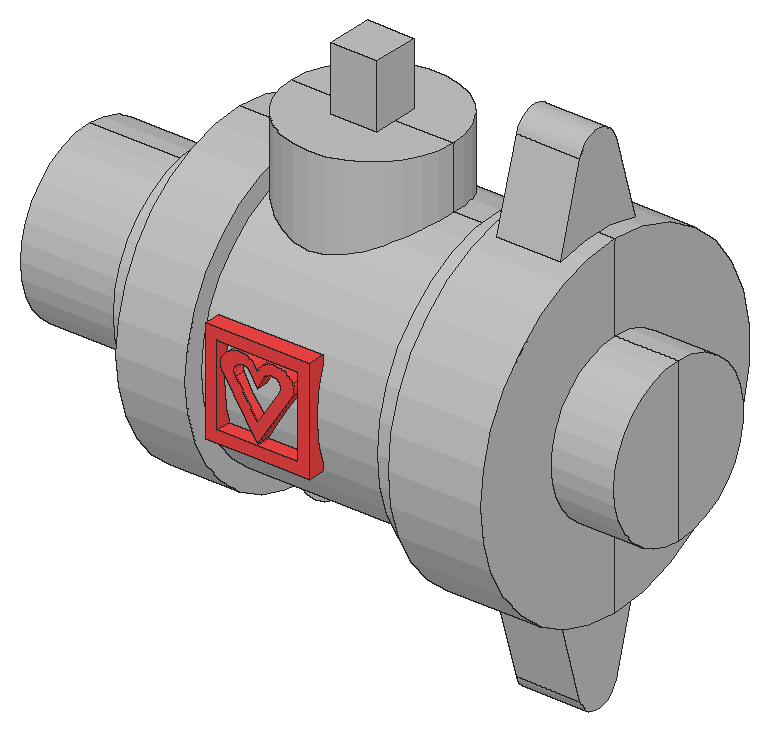
Revit family "KFE 2512 11", category Rohrzubehör, Revit 2020
Family settings
  Bemaßung runder Anschluss = Durchmesser verwenden
  Teiletyp = Normal
  OmniClass-Nummer = 23.65.55.14
  OmniClass-Titel = Valves for Liquid Services
  Arbeitsebenenbasiert = Nein
  Immer vertikal = Ja
  Beim Laden mit Abzugskörper schneiden = Nein
  Gemeinsam genutzt = Nein
Parameters
  min.Betriebstemperatur = -30 °C  # constant formula
  max.Betriebstemperatur = 110 °C  # constant formula
  max.Betriebsdruck = 1000000.0 Pa  # constant formula
  Vorgabe-Ansicht = 0.000 mm
  URL = "www.herz-armaturen.at"
  Spindel = "Messing CW614N"  # constant formula
  SCTWSEQ = "ENT;AO;1"
  SCTWCODE = "01;10;01"  # constant formula
  SCRNSEQ = "ARM;ARM_TYP=\"ABSV\";1"
  SCRNCODE = "05;08;01"  # constant formula
  S04 = 45.000 mm  # constant formula
  S03 = 16.000 mm  # constant formula
  S02 = L00 - L01  # 24.500 mm
  S01 = L00 + (L09 - L05)  # 51.000 mm
  R99 = 2.000 mm  # constant formula
  R01 = 7.000 mm  # constant formula
  Nennweite [instance] = 15.000 mm  # constant formula
  L10 = L01 - L05 + 1.000 mm  # 14.000 mm
  L09 = 13.500 mm  # constant formula
  L08 = 8.000 mm  # constant formula
  L07 = 4.000 mm  # constant formula
  L06 = 19.000 mm  # constant formula
  L05 = 6.500 mm  # constant formula
  L04 = 9.500 mm  # constant formula
  L03 = 8.500 mm  # constant formula
  L02 = 13.000 mm  # constant formula
  L01 = 19.500 mm  # constant formula
  L00 = 44.000 mm  # constant formula
  Kugel = "geschmiedetes CW617N, volle Bohrung, Oberfläche verchromt"  # constant formula
  Hersteller = "Herz-Armaturen GmbH"  # constant formula
  H00 = 17.000 mm  # constant formula
  Gehäuse = "geschmiedetes Messing CW617N"  # constant formula
  G02 = 13.200 mm  # constant formula
  G01 [instance] = Nennweite / 2  # 7.500 mm
  Dichtungen = "Kugel: PTFE, Spindel: PTFE"  # constant formula
  D08 = 7.000 mm  # constant formula
  D07 = 14.500 mm  # constant formula
  D06 = 12.100 mm  # constant formula
  D05 = 13.400 mm  # constant formula
  D04 = 11.100 mm  # constant formula
  D03 = 11.700 mm  # constant formula
  D02 = 9.300 mm  # constant formula
  D01 [instance] = G01 - 1.500 mm  # 6.000 mm
  Betriebsdaten = "Heizungswasser nach ÖNORM H5195 oder VDI- Richtlinie 2035.\r\nDie Verwendung von Ethylen-, oder Propyleneglykol in einem Mischungsverhältnis 25- 50% ist zulässig."
  Bestellnummer [instance] = if(Nennweite = 15.000 mm, 1251211, 0)  # 1251211
  Anwendungsgebiet = "Die Entleerungshähne werden als Füll- und Entleerungshähne verwendet. Anwendungsgebiete sind in haustechnischen Anlagen, wie z.B. in Heizungs- oder Kaltwasseranlagen für die Klimatisierung von Gebäuden. Aromatische Chlorkohlenwasserstoffe wie in Erdgas oder Erdölen vorkommend, zerstören die EPDM- Dichtungen"
Reference planes
  plane 1 "Mitte (Vorne/hinten)": y = 0
  plane 2: z = 0
  plane 3 "Mitte (Links/rechts)": x = 0
Forms (mm)
  Revolve 1, solid, material "Messing vernickelt", detail levels fine
    sketch origin (0, 0, 0) x (1, 0, 0) y (0, 0, 1)
      loop
        line (-18, 0) -> (13, 0) -> (13, 11.1) -> (19.5, 11.1) -> (19.5, 13.2) -> (11, 13.2) -> (11, 11.7) -> (-5.5, 11.7) -> (-5.5, 13.4) -> (-11.5, 13.4) -> (-11.5, 9.3) -> (-15, 9.3) -> (-15, 7.5) -> (-24.5, 7.5) -> (-24.5, 6) -> (-18, 6) -> (-18, 0)
      axis (-24.5, 0) -> (19.5, 0)
    angle from 0 to 360
  Extrusion 2, solid, material "Messing vernickelt", detail levels fine
    sketch origin (0, 0, 0) x (1, 0, 0) y (0, 0, 1)
      loop
        line (-2, -12.1) -> (-2, -11.3) -> (-5.52, -11.3) -> (-5.52, -13.4)
        arc (-5.52, -13.4) -> (-3.307, -13.976) -> (-2, -12.1) r 2
    from 1 to -1
  Revolve 3, solid, material "Messing vernickelt", detail levels fine
    sketch origin (0, 0, 0) x (1, 0, 0) y (0, 0, 1)
      loop
        line (0, 0) -> (0, 17) -> (-7, 17) -> (-7, 0) -> (0, 0)
      axis (0, 17) -> (0, 0)
    angle from 0 to 360
  Extrusion 4, solid, material "Messing vernickelt", detail levels fine
    sketch origin (0, 0, 0) x (1, 0, 0) y (0, 1, 0)
      loop
        line (-2, 2) -> (-2, -2) -> (2, -2) -> (2, 2) -> (-2, 2)
    from 17 to 22.5
  Revolve 5, solid, material "Messing vernickelt", detail levels fine
    sketch origin (0, 0, 0) x (1, 0, 0) y (0, 0, 1)
      loop
        line (13, 14.5) -> (13, 13.2) -> (19.5, 13.2) -> (19.5, 0) -> (26.5, 0) -> (26.5, 7) -> (21, 7) -> (21, 14.5) -> (13, 14.5)
      axis (13, 0) -> (26.5, 0)
    angle from 0 to 360
  Extrusion 6, solid, material "Messing vernickelt", detail levels fine
    sketch origin (0, 0, 0) x (0, 1, 0) y (0, 0, 1)
      loop
        line (4, 13.937) -> (1.92, 21.061)
        arc (1.92, 21.061) -> (0, 22.5) -> (-1.92, 21.061) r 2
        line (-1.92, 21.061) -> (-4, 13.937)
        arc (-4, 13.937) -> (0, 14.5) -> (4, 13.937) r 14.5
      loop
        arc (4, -13.937) -> (0, -14.5) -> (-4, -13.937) r 14.5
        line (-4, -13.937) -> (-1.92, -21.061)
        arc (-1.92, -21.061) -> (0, -22.5) -> (1.92, -21.061) r 2
        line (1.92, -21.061) -> (4, -13.937)
    from 14 to 19.5
Lines and regions (mm)
  model lines, detail levels coarse+medium
    curve 1: line (-24.5, 0, 0) -> (26.5, 0, 0)
    curve 2: line (16, 0, 22.5) -> (16, 0, -22.5)
    curve 3: line (16, -22.5, 0) -> (16, 22.5, 0)
Dimensions and locks
  "L00": Revolve 1 sketch curve to Revolve 1 sketch curve
  "L03": Revolve 1 sketch curve to Revolve 1 sketch curve
  "L05": Revolve 1 sketch curve to Revolve 1 sketch curve  (x2)
  "L01": Revolve 1 sketch curve to plane 3 "Mitte (Links/rechts)"
  "L04": Revolve 1 sketch curve to Revolve 1 sketch curve
  "L02": Revolve 1 sketch curve to Revolve 1 sketch curve
  "D01": Revolve 1 sketch curve to plane 2
  "G01": Revolve 1 sketch curve to plane 2
  "D04": Revolve 1 sketch curve to plane 2
  "D02": Revolve 1 sketch curve to plane 2
  "G02": Revolve 1 sketch curve to plane 2
  "D03": Revolve 1 sketch curve to plane 2
  "D05": Revolve 1 sketch curve to plane 2
  "L06": Revolve 1 sketch curve to Revolve 1 sketch curve
  "L07": plane 3 "Mitte (Links/rechts)" to Extrusion 2 sketch curve
  "D06": plane 2 to Extrusion 2 sketch curve
  "R01": plane 3 "Mitte (Links/rechts)" to Revolve 3 sketch curve
  "H00": Revolve 3 sketch curve to plane 2
  "G02": Revolve 5 sketch curve to plane 2
  "D07": Revolve 5 sketch curve to plane 2
  "L01": plane 3 "Mitte (Links/rechts)" to Revolve 5 sketch curve
  "L05": Revolve 5 sketch curve to Revolve 1
  "L08": Revolve 5 sketch curve to Revolve 5 sketch curve
  "D08": Revolve 5 sketch curve to plane 2
  "L09": Revolve 5 sketch curve to Revolve 5 sketch curve
  "L10": plane 3 "Mitte (Links/rechts)" to Extrusion 6
  "S01": curve 1 to curve 1
  "S03": plane 3 "Mitte (Links/rechts)" to curve 2
  "S02": plane 3 "Mitte (Links/rechts)" to curve 1
  equal spacing: curve 2, plane 2, curve 2
  "S04": curve 2 to curve 2
  "S04": curve 3 to curve 3
  equal spacing: curve 3, plane 1 "Mitte (Vorne/hinten)", curve 3
  "S03": plane 3 "Mitte (Links/rechts)" to curve 3
  "D03": nested 1 to plane 1 "Mitte (Vorne/hinten)"
  "R99": radius of Extrusion 2 sketch curve
  aligned and locked: level to plane 2
Automatic sketch dimensions
  plane 1 "Mitte (Vorne/hinten)" to Extrusion 4 sketch curve = 2.000 mm
  plane 3 "Mitte (Links/rechts)" to Extrusion 4 sketch curve = 2.000 mm
  Extrusion 4 sketch curve to plane 1 "Mitte (Vorne/hinten)" = 2.000 mm
  Extrusion 4 sketch curve to plane 3 "Mitte (Links/rechts)" = 2.000 mm
  Extrusion 6 sketch curve to Extrusion 6 sketch curve = 0.000 mm  (x2)
  Extrusion 6 sketch curve to plane 1 "Mitte (Vorne/hinten)" = 0.000 mm  (x3)
  Extrusion 6 sketch curve to level = 0.000 mm
  plane 1 "Mitte (Vorne/hinten)" to Extrusion 6 sketch curve = 1.920 mm  (x2)
  plane 1 "Mitte (Vorne/hinten)" to Extrusion 6 sketch curve = 4.000 mm  (x2)
  Extrusion 6 sketch curve to plane 1 "Mitte (Vorne/hinten)" = 1.920 mm  (x2)
  Extrusion 6 sketch curve to plane 1 "Mitte (Vorne/hinten)" = 4.000 mm  (x2)
  Extrusion 6 sketch curve to level = 13.937 mm
  Extrusion 6 sketch curve to Extrusion 6 sketch curve = 6.563 mm  (x2)
  Extrusion 6 sketch curve to Extrusion 6 sketch curve = 0.561 mm  (x2)
  level to Extrusion 6 sketch curve = 13.937 mm
  curve 1 to level = 0.000 mm
  Revolve 1 sketch curve to level = 0.000 mm  (x2)
  Revolve 1 sketch curve to Revolve 1 sketch curve = 1482.030 mm
  Revolve 1 sketch curve to Revolve 1 sketch curve = 1819.648 mm
  Extrusion 2 sketch curve to Extrusion 2 sketch curve = 1.520 mm
  Extrusion 2 sketch curve to Extrusion 2 sketch curve = 0.800 mm
  Revolve 3 sketch curve to level = 0.000 mm
  Revolve 3 sketch curve to plane 3 "Mitte (Links/rechts)" = 0.000 mm  (x2)
  Revolve 3 sketch curve to level = 366.045 mm
  Revolve 3 sketch curve to Revolve 3 sketch curve = 2197.315 mm
  Revolve 5 sketch curve to level = 0.000 mm  (x2)
  Revolve 5 sketch curve to plane 3 "Mitte (Links/rechts)" = 1506.530 mm
  Revolve 5 sketch curve to Revolve 5 sketch curve = 1812.648 mm
Nested families
  nested 1: "Herz-Logo-vorne" at (0, -11.7, 0) x (0, 1, 0) z (0, 0, 1), type "Herz-Logo-vorne"
Connectors
  piping at (-24.5, 0, 0), diameter 15, driven by "Nennweite"
    settings: on Revolve 1, index 1, connector inside diameter 609.6 mm, connector length 0.000 mm, flow factor 0, pipe flow 0.0 L/s, pressure drop 0.0 Pa, fitting loss kfactor 0, connector angle 0.00°, fixture units 0, engagement length 0.000 mm, angle of deflection 0.00°, flow configuration 0, flow direction 0, fitting loss method 0, system type 29, joint type 0, gender type 0, connector reference index -1, connector utility 0, adjustable connector no, is connector primary yes, connector description ""
Definition of nested family "Herz-Logo-vorne"
  Parameters (values of type "Herz-Logo-vorne")
    Default Elevation = 0.000 mm
  Reference planes
    plane 1 "Mitte (Vorne/hinten)": y = 0
    plane 2: z = 0
    plane 3 "Mitte (Links/rechts)": x = 0
  Forms (mm)
    Extrusion 1, solid
      sketch origin (0.732, -0.018, 0.017) x (0, -1, 0) y (0, 0, 1)
        loop
          line (-0.018, -4.517) -> (4.482, -4.517) -> (4.482, 4.483) -> (-4.518, 4.483) -> (-4.518, -4.517) -> (-0.018, -4.517)
        loop
          line (-0.05, -3.48) -> (3.482, -3.48) -> (3.482, 3.483) -> (-3.518, 3.483) -> (-3.518, -3.48) -> (-0.05, -3.48)
        loop
          arc (-0.018, 2.383) -> (-1.543, 3.287) -> (-3.067, 2.383) r 1.738
          arc (-3.067, 2.383) -> (-3.191, 1.899) -> (-3.067, 1.415) r 1.009
          line (-3.067, 1.415) -> (-0.018, -3.281) -> (3.032, 1.415)
          arc (3.032, 1.415) -> (3.156, 1.899) -> (3.032, 2.383) r 1.009
          arc (3.032, 2.383) -> (1.507, 3.287) -> (-0.018, 2.383) r 1.738
        loop
          arc (1.885, 1.272) -> (2.005, 1.675) -> (1.885, 2.079) r 0.74
          arc (1.885, 2.079) -> (1.265, 2.416) -> (0.644, 2.079) r 0.74
          line (0.644, 2.079) -> (-0.018, 0.97) -> (-0.679, 2.079)
          arc (-0.679, 2.079) -> (-1.3, 2.416) -> (-1.921, 2.079) r 0.74
          arc (-1.921, 2.079) -> (-2.04, 1.675) -> (-1.921, 1.272) r 0.74
          line (-1.921, 1.272) -> (-0.018, -1.658) -> (1.885, 1.272)
      from 0 to 1.5
  Dimensions and locks
    aligned and locked: level to plane 2
